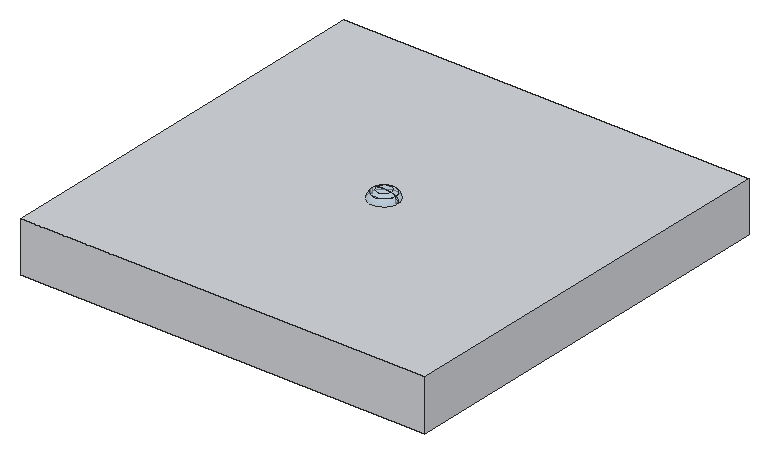
Revit family "GALAD Находка LED", category Осветительные приборы, Revit 2018
Family settings
  Основа = Грань
  Размер круглого соединителя = Использовать диаметр
  Тип детали = Нормальный
  При загрузке вырезать с полостями = Нет
  Источник света = Да
  Общий = Нет
  Точка расчета площади = Нет
Parameters (values of type "GALAD Находка LED-9 ECO IP30")
  built-in parameter 1150104 = 13.8 (stored number, unit not read)
  Частота = "50"  # constant formula
  Цветопередача = 80  # constant formula
  built-in parameter 1150134 = 2
  Файл фотометрической сетки = "GALAD nahodka LED-9 ECO IP30.IES"
  Угол наклона = -90.00°
  Тип устройства управления светодиодами = "без управления"  # constant formula
  Тип продукции = "Светильник"  # constant formula
  Тип монтажной поверхности = "настенный"  # constant formula
  Тип источника света = "LED"  # constant formula
  Тип ПРА = "ЭПРА"  # constant formula
  Тип КСС = "Косинусная"  # constant formula
  Срок службы = "12 лет"  # constant formula
  built-in parameter 1150137 = (empty or 0)
  built-in parameter 1150132 = 2
  built-in parameter 1150114 = 1 (stored number, unit not read)
  Снижение светового потока во время разгорания = "не более 6%"  # constant formula
  Dimming Lamp Color Temperature Shift = (empty or 0)
  built-in parameter 1150105 = 403.3 (stored number, unit not read)
  Color Filter = 16777215
  Lumens = 500 lm
  Световая отдача = 56  # constant formula
  built-in parameter 1150109 = 1 (stored number, unit not read)
  built-in parameter 1150112 = 1 (stored number, unit not read)
  built-in parameter 1150110 = 1 (stored number, unit not read)
  built-in parameter 1150113 = 1 (stored number, unit not read)
  built-in parameter 1150115 = 1 (stored number, unit not read)
  built-in parameter 1114218 = 1 (stored number, unit not read)
  built-in parameter 1114217 = 1 (stored number, unit not read)
  Apparent Load = ADSK_Номинальная мощность / ADSK_Коэффициент мощности  # 9.47368 VA
  Default Elevation = 1219.2 mm
  built-in parameter 1150106 = 4.033 (stored number, unit not read)
  Описание = "Светодиодный светильник GALAD Находка LED укомплектован матовым рассеивателем для минимизации слепящего действия и встроенным блоком питания. Ударопрочное защитное стекло выполнено из светостабилизированного поликарбоната. Установка светильника возможна на стену или на потолок."  # constant formula
  Область использования = "ЖКХ"  # constant formula
  built-in parameter 1150142 = "IESNA:LM-63-1995\r\n[TEST]\r\n[DATA] 21.04.2021\r\n[MORE]  ПАС\r\n[MANUFAC] GALAD\r\n[LUMCAT] \r\n[LUMINAIRE] Находка LED-9 ECO IP30\r\n[LAMPCAT] \r\n[LAMP] СД 9 Вт\r\nTILT=NONE\r\n1    500 0.500 37 10 1 2 0.174 0.174 0.053\r\n1.0 1.0 9\r\n0.0 5.0 10.0 15.0 20.0 25.0 30.0 35.0 40.0 45.0 50.0 55.0 60.0 65.0 70.0 75.0 80.0 85.0 90.0 95.0 100.0 105.0 110.0 115.0 120.0 125.0 130.0 135.0 140.0 145.0 150.0 155.0 160.0 165.0 170.0 175.0 180.0\r\n0.0 10.0 20.0 30.0 40.0 50.0 60.0 70.0 80.0 90.0\r\n403.3 400.5 392.4 380.0 363.4 342.5 319.0 292.0 262.4 233.3 202.0 171.4 141.1 111.5 82.4 55.6 30.4 10.6 0.8 0.0 0.0 0.0 0.0 0.0 0.0 0.0 0.0 0.0 0.0 0.0 0.0 0.0 0.0 0.0 0.0 0.0 0.0\r\n403.3 400.5 392.0 380.2 363.5 342.7 318.7 291.6 263.1 233.0 202.3 171.1 141.2 111.6 82.9 55.5 30.4 10.6 0.8 0.0 0.0 0.0 0.0 0.0 0.0 0.0 0.1 0.1 0.1 0.0 0.0 0.0 0.0 0.0 0.0 0.0 0.0\r\n403.3 400.7 392.2 380.0 363.7 343.2 318.8 291.8 263.0 232.7 202.3 171.7 141.3 111.5 82.8 55.5 30.4 10.6 0.8 0.0 0.0 0.0 0.0 0.0 0.0 0.0 0.0 0.0 0.1 0.0 0.0 0.0 0.0 0.0 0.0 0.0 0.0\r\n403.3 400.9 392.2 380.2 363.3 343.0 318.4 291.8 262.6 232.8 202.3 171.2 141.0 111.8 82.9 55.4 30.4 10.6 0.8 0.0 0.0 0.0 0.0 0.0 0.0 0.0 0.0 0.0 0.1 0.1 0.0 0.0 0.0 0.0 0.0 0.0 0.0\r\n403.3 400.6 392.0 380.1 363.7 342.8 318.2 292.1 262.9 232.8 202.3 171.2 140.8 111.4 82.8 55.3 30.4 10.5 0.7 0.0 0.0 0.0 0.0 0.0 0.0 0.0 0.0 0.0 0.0 0.1 0.0 0.0 0.0 0.0 0.0 0.0 0.0\r\n403.3 400.7 392.4 380.0 363.3 342.5 318.6 291.5 262.9 232.6 201.4 171.3 140.9 111.5 82.7 55.2 30.3 10.5 0.7 0.0 0.0 0.0 0.0 0.0 0.0 0.0 0.0 0.0 0.0 0.1 0.0 0.0 0.0 0.0 0.0 0.0 0.0\r\n403.3 400.6 391.9 379.4 362.8 342.7 318.5 291.5 262.5 232.4 201.2 171.3 140.8 111.3 82.5 55.2 30.3 10.4 0.6 0.0 0.0 0.0 0.0 0.0 0.0 0.0 0.0 0.0 0.0 0.1 0.0 0.0 0.0 0.0 0.0 0.0 0.0\r\n403.3 400.4 392.1 379.4 363.5 342.2 318.5 291.4 262.4 232.2 201.5 170.8 140.7 111.1 82.6 55.2 30.2 10.3 0.6 0.0 0.0 0.0 0.0 0.0 0.0 0.0 0.0 0.1 0.1 0.0 0.0 0.0 0.0 0.0 0.0 0.0 0.0\r\n403.3 400.4 392.1 379.8 363.2 342.4 317.7 291.8 262.4 232.3 201.9 171.0 140.7 111.0 82.3 55.2 30.1 10.3 0.6 0.0 0.0 0.0 0.0 0.0 0.0 0.1 0.1 0.1 0.1 0.1 0.0 0.0 0.0 0.0 0.0 0.0 0.0\r\n403.3 400.3 392.5 379.9 361.9 341.4 317.7 290.7 261.9 232.4 201.6 170.9 140.6 111.2 82.3 55.0 30.2 10.3 0.6 0.0 0.0 0.0 0.0 0.1 0.1 0.1 0.1 0.1 0.1 0.0 0.0 0.0 0.0 0.0 0.0 0.0 0.0\r\n403.3 400.5 392.4 380.0 363.4 342.5 319.0 292.0 262.4 233.3 202.0 171.4 141.1 111.5 82.4 55.6 30.4 10.6 0.8 0.0 0.0 0.0 0.0 0.0 0.0 0.0 0.0 0.0 0.0 0.0 0.0 0.0 0.0 0.0 0.0 0.0 0.0\r\n"
  Неравномерность яркости = 0
  built-in parameter 1150133 = 10 (stored number, unit not read)
  Wattage = 3.36605 W
  Материал рассеивателя = ПММА
  Материал корпуса = ПММА
  Коэффициент пульсации = "менее 5%"  # constant formula
  built-in parameter 1150139 = (empty or 0)
  Климатическое исполнение = "1…35 °С"  # constant formula
  Климатическая зона = "УХЛ4"  # constant formula
  Класс светораспределения = "П"  # constant formula
  Класс защиты от поражения электрическим током = "2"  # constant formula
  Класс Защиты = "1"  # constant formula
  built-in parameter 1150138 = (empty or 0)
  built-in parameter 1150107 = 5000 (stored number, unit not read)
  built-in parameter 1150102 = (empty or 0)
  Emit from Circle Diameter = 609.6 mm
  Изготовитель = "АО «КАДОШКИНСКИЙ ЭЛЕКТРОТЕХНИЧЕСКИЙ ЗАВОД»"  # constant formula
  Диапазон цветовой температуры = "5028±283"  # constant formula
  Группа модели = "Светильники"  # constant formula
  Возможный угол наклона = "0"  # constant formula
  Видимая форма излучения при визуализации = no
  Блок аварийного питания = 0 = 1  # no
  URL = "https://galad.ru/catalog/indoor/zhkh/nahodka/galad-nahodka-led-9-eco-ip30/"
  IP = "30"  # constant formula
  ADSK_Энергоэффективность = 56 lm/W  # constant formula
  ADSK_Ток = ADSK_Номинальная мощность / (ADSK_Коэффициент мощности * ADSK_Напряжение * sqrt(ADSK_Количество фаз))  # 0.0411899 A
  ADSK_Размер_Ширина = 174 mm
  ADSK_Размер_Длина = 174 mm
  ADSK_Размер_Высота = 53 mm
  ADSK_Примечание = ""
  ADSK_Полная мощность = ADSK_Номинальная мощность / ADSK_Коэффициент мощности  # 9.47368 VA
  ADSK_Позиция = ""
  ADSK_Обозначение = "ГОСТ 15150-69"  # constant formula
  ADSK_Номинальная мощность = 9 VA  # constant formula
  ADSK_Напряжение = 230 V  # constant formula
  ADSK_Наименование краткое = "GALAD Находка LED-9 ECO IP30"
  ADSK_Наименование = "GALAD Находка LED-9 ECO IP30"
  ADSK_Масса_Текст = "0.2"  # constant formula
  ADSK_Масса = 0.2  # constant formula
  ADSK_Марка = ADSK_Наименование  # "GALAD Находка LED-9 ECO IP30"
  ADSK_Коэффициент мощности = 0.95  # constant formula
  ADSK_Количество фаз = 1  # constant formula
  ADSK_Количество = 1  # constant formula
  ADSK_Код изделия = "18158"  # constant formula
  ADSK_Классификация нагрузок = Освещение
  ADSK_Завод-изготовитель = ""
  ADSK_Единица измерения = "шт."  # constant formula
  ADSK_Группирование = ""
  ADSK_Версия семейства = "1.01"  # constant formula
  ADSK_Версия Revit = "2018"  # constant formula
Reference planes
  plane 1 "По центру (Вперед/Назад)": y = 0
  plane 2: z = 0
  plane 3 "По центру (Влево/Вправо)": x = 0
  plane 4: y = 87
  plane 5: y = -87
  plane 6: x = -87
  plane 7: x = 87
  plane 8: z = 53
Forms (mm)
  Extrusion 1, solid
    sketch origin (0, 0, 0) x (1, 0, 0) y (0, 1, 0)
      loop
        line (-1219.2, 1219.2) -> (-1219.2, -1219.2) -> (1219.2, -1219.2) -> (1219.2, 1219.2) -> (-1219.2, 1219.2)
    from 0 to -304.8
  Revolve 2, solid, material "ПММА" <- "Материал рассеивателя", detail levels medium+fine
    sketch origin (0, 0, 0) x (1, 0, 0) y (0, 0, 1)
      loop
        arc (87, 0) -> (81.425, 19.286) -> (69.083, 35.118) r 53.046
        arc (69.083, 35.118) -> (56.928, 43.318) -> (43.124, 48.26) r 58.879
        arc (43.124, 48.26) -> (21.692, 51.811) -> (0, 53) r 198.533
        line (0, 53) -> (0, 0) -> (87, 0)
      axis (0, 53) -> (0, 0)
    angle from 0 to 360
  Extrusion 3, void
    sketch origin (0, 0, 0) x (1, 0, 0) y (0, 1, 0)
      loop
        circle (-78.071, 0) r 6
    from 1 to 53
  Extrusion 4, void
    sketch origin (0, 0, 0) x (-1, 0, 0) y (0, -1, 0)
      loop
        circle (-78.071, 0) r 6
    from 1 to 53
  Extrusion 5, solid, material "ПММА" <- "Материал рассеивателя", detail levels coarse
    sketch origin (0, 0, 0) x (1, 0, 0) y (0, 1, 0)
      loop
        circle (0, 0) r 87
    from 0 to 53
Cuts and joins
  Extrusion 3, Extrusion 4 cuts Revolve 2
Dimensions and locks
  equal spacing: plane 6, plane 3 "По центру (Влево/Вправо)", plane 7
  equal spacing: plane 4, plane 1 "По центру (Вперед/Назад)", plane 5
  "ADSK_Размер_Ширина": plane 4 to plane 5
  "ADSK_Размер_Длина": plane 6 to plane 7
  "ADSK_Размер_Высота": plane 8 to level
  aligned and locked: plane 2 to Extrusion 1
  aligned and locked: level to Extrusion 1
  aligned and locked: Revolve 2 sketch curve to plane 3 "По центру (Влево/Вправо)"
Automatic sketch dimensions
  Extrusion 1 sketch curve to Extrusion 1 sketch curve = 2438.4 mm  (x2)
  Revolve 2 sketch curve to plane 3 "По центру (Влево/Вправо)" = 0 mm
  Revolve 2 sketch curve to level = 0 mm
  Revolve 2 sketch curve to plane 7 = 0 mm
  Revolve 2 sketch curve to plane 8 = 0 mm
  plane 3 "По центру (Влево/Вправо)" to Revolve 2 sketch curve = 0 mm
  Revolve 2 sketch curve to level = 9.214 mm
  plane 3 "По центру (Влево/Вправо)" to Revolve 2 sketch curve = 30.335 mm
  Revolve 2 sketch curve to level = 4.822 mm
  Revolve 2 sketch curve to Revolve 2 sketch curve = 3.839 mm
  Revolve 2 sketch curve to Revolve 2 sketch curve = 136.319 mm
  Revolve 2 sketch curve to Revolve 2 sketch curve = 0 mm
  Revolve 2 sketch curve to Revolve 2 sketch curve = 15 mm
  Revolve 2 sketch curve to Revolve 2 sketch curve = 35 mm
  plane 1 "По центру (Вперед/Назад)" to Extrusion 3 sketch curve = 0 mm
  plane 6 to Extrusion 3 sketch curve = 8.929 mm
  plane 1 "По центру (Вперед/Назад)" to Extrusion 4 sketch curve = 0 mm
  plane 7 to Extrusion 4 sketch curve = 8.929 mm
  plane 1 "По центру (Вперед/Назад)" to Extrusion 5 sketch curve = 0 mm
  Extrusion 5 sketch curve to plane 3 "По центру (Влево/Вправо)" = 0 mm
  radius of Extrusion 3 sketch curve = 6 mm
  radius of Extrusion 4 sketch curve = 6 mm
  radius of Extrusion 5 sketch curve = 87 mm
Connectors
  electrical at (0, 0, 0), driven by "ADSK_Классификация нагрузок", driven by "ADSK_Напряжение", driven by "ADSK_Полная мощность", driven by "ADSK_Коэффициент мощности"
    settings: index 1, voltage 230 V, apparent load 9.47368 VA, apparent load phase1 0 VA, apparent load phase2 0 VA, apparent load phase3 0 VA, power factor 0.95, load classification "Освещение", number of poles 1, system type 30, power factor state 1, is connector primary yes, connector utility no, sub classification motor no, connector description ""
